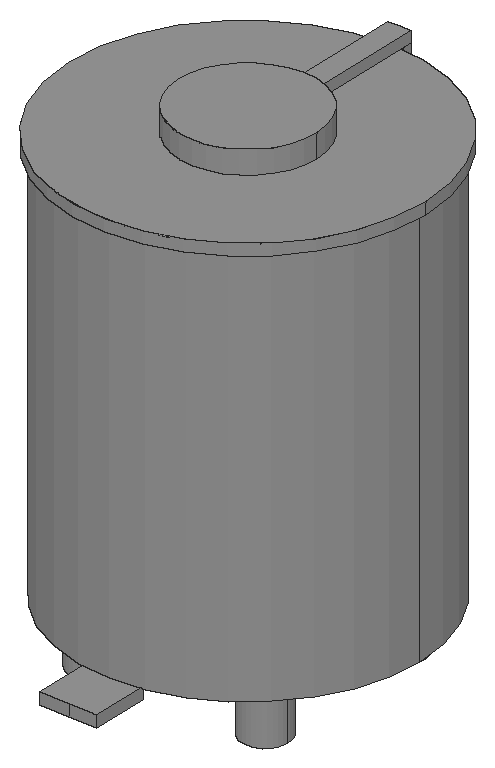
Revit family "Контейнер для твёрдых РАО 3 мм Comecer", category Оборудование, Revit 2017
Family settings
  Размер круглого соединителя = Использовать диаметр
  Тип детали = Нормальный
  На основе рабочей плоскости = Нет
  Всегда вертикально = Да
  При загрузке вырезать с полостями = Нет
  Общий = Нет
  Точка расчета площади = Нет
Parameters (values of type "Тип")
  Общ_Ширина = 300.0 mm
  Общ_Тип, марка = "CR Series"
  Общ_Примечание КР [instance] = ""
  Общ_Примечание АР [instance] = ""
  Общ_Примечание = ""
  Общ_Поставщик = "Comecer"
  Общ_Позиция = ""
  Общ_Наименование = "Контейнер для сбора твёрдых РФП, свинцовый эквивалент 3,0 мм"
  Общ_Масса = "35"
  Общ_Код продукции = ""
  Общ_Единицы измерения = "шт."
  Общ_Глубина = 300.0 mm
  Общ_Высота = 450.0 mm
  Keynote = ""
  Model = ""
Reference planes
  plane 1 "По центру (Вперед/Назад)": y = 0
  plane 2: z = 0
  plane 3 "По центру (Влево/Вправо)": x = 0
Forms (mm)
  Extrusion 1, solid, material "Сталь, нержавеющая AISI 304", detail levels fine
    sketch origin (0, 0, 0) x (1, 0, 0) y (0, 1, 0)
      loop
        circle (0, 0) r 150
    from 50 to 400
  Extrusion 2, solid, material "Сталь, нержавеющая AISI 304", detail levels fine
    sketch origin (0, 0, 0) x (1, 0, 0) y (0, 1, 0)
      loop
        circle (0, 0) r 155
    from 400 to 410
  Extrusion 3, solid, material "Сталь, нержавеющая AISI 304", detail levels fine
    sketch origin (0, 0, 0) x (1, 0, 0) y (0, 1, 0)
      loop
        circle (0, 0) r 60
    from 430 to 410
  Extrusion 4, solid, material "Сталь, нержавеющая AISI 304", detail levels fine
    sketch origin (0, 0, 0) x (1, 0, 0) y (0, 1, 0)
      loop
        circle (75, 75) r 20
      loop
        circle (75, -75) r 20
      loop
        circle (-75, 75) r 20
      loop
        circle (-75, -75) r 20
    from 0 to 50
  Extrusion 5, solid, material "Сталь, нержавеющая AISI 304", detail levels fine
    sketch origin (0, 0, 0) x (1, 0, 0) y (0, 1, 0)
      loop
        line (0, -145) -> (-25, -145) -> (-25, -195) -> (0, -195) -> (25, -195) -> (25, -145) -> (0, -145)
    from 40 to 50
  Extrusion 6, solid, material "Сталь, нержавеющая AISI 304", detail levels fine
    sketch origin (0, 0, 0) x (1, 0, 0) y (0, 1, 0)
      loop
        line (0, 55) -> (10, 55) -> (10, 165) -> (0, 165) -> (-10, 165) -> (-10, 55) -> (0, 55)
    from 410 to 420
  Extrusion 7, solid, material "Сталь, нержавеющая AISI 304", detail levels fine
    sketch origin (0, 0, 0) x (1, 0, 0) y (0, 1, 0)
      loop
        line (-10, 165) -> (-10, 156.915) -> (10, 156.915) -> (10, 165) -> (-10, 165)
    from 410 to 40
Lines and regions (mm)
  symbolic lines, detail levels coarse+medium
    curve 1: arc (155, 0, 0) -> (0, 155, 0) -> (-155, 0, 0) r 155
    curve 2: arc (-155, 0, 0) -> (0, -155, 0) -> (155, 0, 0) r 155
    curve 3: arc (-60, 0, 0) -> (0, -60, 0) -> (60, 0, 0) r 60
    curve 4: arc (60, 0, 0) -> (0, 60, 0) -> (-60, 0, 0) r 60
    curve 5: line (10, 55, 0) -> (10, 165, 0)
    curve 6: line (0, 55, 0) -> (10, 55, 0)
    curve 7: line (-10, 55, 0) -> (0, 55, 0)
    curve 8: line (-10, 165, 0) -> (-10, 55, 0)
    curve 9: line (5, 165, 0) -> (-10, 165, 0)
    curve 10: line (25, -195, 0) -> (25, -152.971, 0)
    curve 11: line (0, -195, 0) -> (25, -195, 0)
    curve 12: line (-25, -195, 0) -> (0, -195, 0)
    curve 13: line (-25, -152.971, 0) -> (-25, -195, 0)
Dimensions and locks
  aligned and locked: level to plane 2
